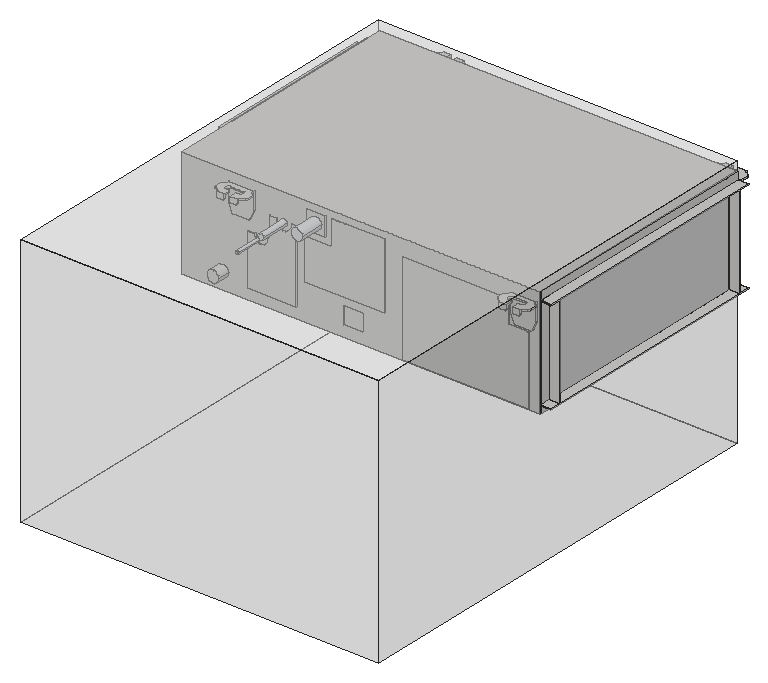
Revit family "outputfile", category 機械設備, Revit 2024
Family settings
  丸型コネクタ寸法 = 半径を使用
  パーツ タイプ = 標準
  OmniClass 番号 = 23.75.10.24.21.27.27
  OmniClass タイトル = Split System Air Conditioning Units
  作業面ベース = いいえ
  常に垂直 = はい
  ロード時にボイドで切り取り = いいえ
  注釈の向きを維持 = いいえ
  共有 = いいえ
  部屋計算ポイント = はい
Parameters (values of type "FXSQ32PAVE")
  Description = ""
  製造元 = "Daikin"
  書き出し IFC クラス(タイプ) = "IfcUnitaryEquipmentType"
  定義済み IFC タイプ(タイプ) = "AIRCONDITIONINGUNIT"
  Cost = 0
  モデル = "FXSQ32PAVE"
  Type Comments = ""
  Keynote = ""
  Type Image = (empty or 0)
  Assembly Code = ""
  r_Liquid Pipe Size = Liquid Pipe Size / 2  # 3.2 mm
  r_Gas Pipe Size = Gas Pipe Size / 2  # 6.35 mm
  r_Drain Pipe Size = Drain Pipe Size / 2  # 12.5 mm
  lw_power = 770.0 mm  # constant formula
  lh_SA = 138.0 mm  # constant formula
  lw_SA = if(Depth = 550.0 mm, 225.0 mm, if(Depth = 700.0 mm, 300.0 mm, if(Depth = 1000.0 mm, 450.0 mm, if(Depth = 1400.0 mm, 650.0 mm, 725.0 mm))))  # 225.0 mm
  lw_RA = if(Depth = 550.0 mm, 275.0 mm, if(Depth = 700.0 mm, 349.0 mm, if(Depth = 1000.0 mm, 499.0 mm, if(Depth = 1400.0 mm, 699.0 mm, 775.0 mm))))  # 275.0 mm
  lh_power = 60.0 mm + [h***]  # 60.0 mm
  lh_mountinghole1 = lh_mountinghole + [h***]  # 222.0 mm
  lh_RA = 123.0 mm  # constant formula
  ld_power = Depth / 2  # 275.0 mm
  Voltage_comment_60Hz = "220"
  Voltage_comment_50Hz = "220-240"
  Voltage_60Hz = 220 V
  Voltage_50Hz = 220 V
  URL = ""
  Supply Air Direction [instance] = yes
  Sound Power Level_H speed (dB) = 62
  Phase_60Hz = 1
  Phase_50Hz = 1
  Minimum External Static Pressure = 30.00 Pa
  Minimum Circuit Amps_60Hz = 0.8 A
  Minimum Circuit Amps_50Hz = 0.8 A
  Maximum Fuse Amps_60Hz = 16.0 A
  Maximum Fuse Amps_50Hz = 16.0 A
  Maximum External Static Pressure = 150.00 Pa
  Material_Casing = DAIKIN_GalvanizedSteel_Casing_indoorunit
  lw_mountinghole = 630.0 mm  # constant formula
  lh_gaspipe = 183.0 mm + [h***]  # 183.0 mm
  lh_mountinghole = 222.0 mm  # constant formula
  lh_liquidpipe = 136.0 mm + [h***]  # 136.0 mm
  lh_drainpipe = 207.0 mm + [h***]  # 207.0 mm
  lh_antena = Height - lh_mountinghole + 1.0 mm  # 24.0 mm
  ld_drainpipe = Depth / 2 + 53.0 mm  # 328.0 mm
  ld_liquidpipe = Depth / 2 + 69.0 mm  # 344.0 mm
  ld_gaspipe = Depth / 2 + 65.0 mm  # 340.0 mm
  ld_mountinghole = Depth + 38.0 mm  # 588.0 mm
  h*** = 0.0 mm  # constant formula
  lw_liquidpipe = 179.0 mm  # constant formula
  lw_gaspipe = 229.0 mm  # constant formula
  lw_drainpipe = 300.0 mm  # constant formula
  Width = 800.0 mm
  Version = "ver.1.0"
  Unit Type = "Middle Static Pressure Duct Type"
  Unit Mass Weight = 25.00 kg
  Unit Designation [instance] = ""
  Uniclass2015Version = "Products v1.30"
  Uniclass2015Title = "Variable refrigerant flow units"
  Uniclass2015Code = "Pr_70_65_03_94"
  Total Heating Capacity [instance] = 0.000 kW
  Total Cooling Capacity [instance] = 0.000 kW
  Sound Pressure Level_M speed (dBA) = 0
  Sound Pressure Level_L speed (dBA) = 30
  Sound Pressure Level_H speed (dBA) = 34
  Series = "VRV Fan Coil Unit"
  Sensible Cooling Capacity [instance] = 0.000 kW
  SA Duct Size Width = if(Depth = 550.0 mm, 337.0 mm, if(Depth = 700.0 mm, 492.0 mm, if(Depth = 1000.0 mm, 792.0 mm, if(Depth = 1400.0 mm, 1192.0 mm, 1337.0 mm))))  # 337.0 mm
  SA Duct Size Height = 176.0 mm
  Refrigerant Type = "R410A"
  RA Duct Size Width = if(Depth = 550.0 mm, 502.0 mm, if(Depth = 700.0 mm, 654.0 mm, if(Depth = 1000.0 mm, 952.0 mm, if(Depth = 1400.0 mm, 1352.0 mm, 1502.0 mm))))  # 502.0 mm
  RA Duct Size Height = 208.0 mm
  Power Input (Heating) = 0.106 kW
  Power Input (Cooling) = 0.111 kW
  Option Accessory 3 [instance] = ""
  Option Accessory 2 [instance] = ""
  Option Accessory 1 [instance] = ""
  Nominal Heating Capacity = 4.000 kW
  Nominal Cooling Capacity = 3.600 kW
  Minimum Airflow = 420.00 m³/h
  Median Airflow = 480.00 m³/h
  Maximum Airflow = 570.00 m³/h
  Load Classification = HVAC
  Liquid Pipe Size = 6.4 mm
  Link_Nested Family [instance] = ""
  IfcVersion = "0"
  IfcExportType = "AIRCONDITIONINGUNIT"
  IfcExportAs = "IfcUnitaryEquipmentType"
  Height = 245.0 mm
  Heating Entering Wet Bulb Temperature [instance] = 0.00 °C
  Heating Entering Dry Bulb Temperature [instance] = 0.00 °C
  Heating Ambient Wet Bulb Temperature [instance] = 0.00 °C
  Heating Ambient Dry Bulb Temperature [instance] = 0.00 °C
  Heat Exchanger Type = "Cross Fin Coil"
  Gas Pipe Size = 12.7 mm
  Frequency_60Hz = 60 Hz
  Frequency_50Hz = 50 Hz
  Fan Type = "Sirocco Fan"
  Fan Drive = "Direct Drive"
  FCU Tag No. [instance] = ""
  Drain Pipe Size = 25.0 mm
  Design Supply Airflow [instance] = 0.00 m³/h
  Design Return Airflow [instance] = 0.00 m³/h
  Design External Static Pressure [instance] = 0.00 Pa
  Depth = 550.0 mm
  既定の高さ = 0.0 mm
  Cooling Entering Wet Bulb Temperature [instance] = 0.00 °C
  Cooling Entering Dry Bulb Temperature [instance] = 0.00 °C
  Cooling Ambient Wet Bulb Temperature [instance] = 0.00 °C
  Cooling Ambient Dry Bulb Temperature [instance] = 0.00 °C
  Clearance visibility [instance] = yes
  Clearance Top = 20.0 mm
  Clearance Right = 0.0 mm
  Clearance Rear = 0.0 mm
  Clearance Left = 0.0 mm
  Clearance Front = 450.0 mm
  Clearance Bottom = 300.0 mm
Reference planes
  plane 1 "Center (Front/Back)": y = 0
  plane 2 "h": z = 0
  plane 3 "Center (Left/Right)": x = 0
  plane 4 "Back": y = 275
  plane 5 "Front": y = -275
  plane 6 "Left": x = -400
  plane 7 "Reight": x = 400
  plane 8 "Top": z = 0
  plane 9 "Bottom": z = -245
  plane 10: y = -215
  plane 11: y = 275
  plane 12: y = -725
  plane 13: x = -400
  plane 14: x = 400
  plane 15: z = 20
  plane 16: z = -545
  plane 17: x = -400
  plane 18: x = -399
  plane 19: x = 399
  plane 20: y = 50
  plane 21: y = 0
  plane 22: z = -122
  plane 23: y = -276
  plane 24: z = -109
  plane 25: x = -221
  plane 26: y = -340
  plane 27: z = -62
  plane 28: x = -171
  plane 29: y = -328
  plane 30: z = -38
  plane 31: x = -100
  plane 32: x = -100
  plane 33: x = -221
  plane 34: x = -171
  plane 35: x = 370
  plane 36: x = -266
  plane 37: x = 364
  plane 38: y = -294
  plane 39: y = 294
  plane 40: z = -23
  plane 41: z = -107
  plane 42: y = -344
  plane 43: z = -207
  plane 44: x = -309
  plane 45: y = -301
  plane 46: x = -251
  plane 47: x = -203
  plane 48: x = -144
  plane 49: z = -59
  plane 50: z = -106
  plane 51: z = -221
  plane 52: z = -109
  plane 53: x = -221
  plane 54: z = -62
  plane 55: x = -171
  plane 56: z = -17
  plane 57: z = -59
  plane 58: x = -121
  plane 59: x = -79
  plane 60: x = -125
  plane 61: x = -64
  plane 62: x = 53
  plane 63: z = -164
  plane 64: z = -73
  plane 65: z = -16
  plane 66: x = 93.5
  plane 67: x = 374.5
  plane 68: x = 330
  plane 69: z = -88.5
  plane 70: z = -38
  plane 71: z = -242.5
  plane 72: x = -38.5
  plane 73: x = 6.5
  plane 74: z = -181
  plane 75: z = -221
  plane 76: y = -274
  plane 77: x = -424
  plane 78: x = 424
Forms (mm)
  Extrusion 1, solid, material "DAIKIN_GalvanizedSteel_Casing_indoorunit" <- "Material_Casing"
    sketch origin (0, 0, 0) x (1, 0, 0) y (0, 1, 0)
      loop
        line (-399, 275) -> (-399, -275) -> (399, -275) -> (399, 275) -> (-399, 275)
    from -245 to 0
  Extrusion 2, solid, material "DAIKIN_GalvanizedSteel_Casing_indoorunit" <- "Material_Casing"
    sketch origin (0, 0, 0) x (1, 0, 0) y (0, 0, 1)
      loop
        line (-251, -221) -> (-144, -221) -> (-144, -59) -> (-154.47, -59)
        arc (-154.47, -59) -> (-171, -78.8) -> (-187.53, -59) r 16.8
        line (-187.53, -59) -> (-203, -59) -> (-203, -106) -> (-206.916, -106)
        arc (-206.916, -106) -> (-221, -123.4) -> (-235.084, -106) r 14.4
        line (-235.084, -106) -> (-251, -106) -> (-251, -221)
    from 275 to 276
  Extrusion 3, solid, material "DAIKIN_GalvanizedSteel_Casing_indoorunit" <- "Material_Casing"
    sketch origin (0, 0, 0) x (1, 0, 0) y (0, 0, 1)
      loop
        line (-121, -17) -> (-121, -59) -> (-79, -59) -> (-79, -17) -> (-121, -17)
      loop
        line (-125, -73) -> (-125, -164) -> (53, -164) -> (53, -16) -> (-64, -16) -> (-64, -73) -> (-125, -73)
    from 275 to 276
  Extrusion 4, solid, material "DAIKIN_GalvanizedSteel_Casing_indoorunit" <- "Material_Casing"
    sketch origin (0, 0, 0) x (1, 0, 0) y (0, 0, 1)
      loop
        line (93.5, -38) -> (93.5, -242.5) -> (374.5, -242.5) -> (374.5, -88.5) -> (330, -88.5) -> (330, -38) -> (93.5, -38)
    from 275 to 276
  Extrusion 5, solid
    sketch origin (0, 0, 0) x (1, 0, 0) y (0, 0, 1)
      loop
        circle (-221, -109) r 3.2
    from 275 to 344
  Extrusion 6, solid
    sketch origin (0, 0, 0) x (1, 0, 0) y (0, 0, 1)
      loop
        circle (-171, -62) r 6.35
    from 275 to 340
  Extrusion 7, solid
    sketch origin (0, 0, 0) x (1, 0, 0) y (0, 0, 1)
      loop
        circle (-100, -38) r 12.5
    from 276 to 328
  Extrusion 8, solid, material "DAIKIN_GalvanizedSteel_Casing_indoorunit" <- "Material_Casing"
    sketch origin (0, 0, 0) x (1, 0, 0) y (0, 0, 1)
      loop
        circle (-309, -207) r 13
    from 275 to 301
  Extrusion 9, void
    sketch origin (0, 0, 0) x (1, 0, 0) y (0, 0, 1)
      loop
        line (-38.5, -181) -> (-38.5, -221) -> (6.5, -221) -> (6.5, -181) -> (-38.5, -181)
    from 274 to 275
Cuts and joins
  Extrusion 9 cuts Extrusion 1
Dimensions and locks
  "Height": plane 8 "Top" to plane 9 "Bottom"
  equal spacing: plane 4 "Back", plane 1 "Center (Front/Back)", plane 5 "Front"
  "Depth": plane 4 "Back" to plane 5 "Front"
  equal spacing: plane 6 "Left", plane 3 "Center (Left/Right)", plane 7 "Reight"
  "Width": plane 6 "Left" to plane 7 "Reight"
  "Clearance Left": plane 13 to plane 6 "Left"
  "Clearance Right": plane 7 "Reight" to plane 14
  "Clearance Rear": plane 11 to plane 4 "Back"
  "Clearance Front": plane 5 "Front" to plane 12
  "Clearance Top": plane 15 to plane 8 "Top"
  "Clearance Bottom": plane 9 "Bottom" to plane 16
  locked: plane 17 to plane 18 at 1
  locked: plane 19 to plane 14 at 1
  "lw_SA": plane 11 to plane 20
  "lw_RA": plane 21 to plane 5 "Front"
  "lh_RA": plane 22 to plane 9 "Bottom"
  locked: plane 5 "Front" to plane 23 at 1
  "lw_liquidpipe": plane 25 to plane 6 "Left"
  "lh_liquidpipe": plane 24 to plane 9 "Bottom"
  "lh_gaspipe": plane 27 to plane 9 "Bottom"
  "lw_gaspipe": plane 28 to plane 6 "Left"
  "ld_gaspipe": plane 26 to plane 1 "Center (Front/Back)"
  "ld_drainpipe": plane 29 to plane 1 "Center (Front/Back)"
  "lh_drainpipe": plane 30 to plane 9 "Bottom"
  "lw_drainpipe": plane 31 to plane 6 "Left"
  "lw_drainpipe": plane 6 "Left" to plane 32
  "lw_liquidpipe": plane 6 "Left" to plane 33
  "lw_gaspipe": plane 6 "Left" to plane 34
  "lw_power": plane 6 "Left" to plane 35
  locked: plane 17 to plane 36 at 134
  "lw_mountinghole": plane 36 to plane 37
  equal spacing: plane 38, plane 1 "Center (Front/Back)", plane 39
  "ld_mountinghole": plane 39 to plane 38
  "lh_mountinghole": plane 40 to plane 9 "Bottom"
  "lh_SA": plane 41 to plane 9 "Bottom"
  "ld_liquidpipe": plane 21 to plane 42
  locked: plane 44 to plane 6 "Left" at 91
  locked: plane 43 to plane 9 "Bottom" at 38
  locked: plane 5 "Front" to plane 45 at 26
  plane 48 to plane 47 to plane 46 to plane 6 "Left" = 59.0 mm, 48.0 mm, 149.0 mm
  plane 8 "Top" to plane 49 to plane 50 to plane 51 = 59.0 mm locked, 47.0 mm locked, 115.0 mm locked
  plane 55 to plane 53 to plane 6 "Left" = 50.0 mm locked, 179.0 mm locked
  plane 54 to plane 52 to plane 9 "Bottom" = 47.0 mm locked, 136.0 mm locked
  plane 59 to plane 58 to plane 6 "Left" = 42.0 mm locked, 279.0 mm locked
  plane 8 "Top" to plane 56 to plane 57 = 17.0 mm locked, 42.0 mm locked
  plane 62 to plane 61 to plane 60 to plane 6 "Left" = 117.0 mm, 61.0 mm, 275.0 mm
  plane 8 "Top" to plane 65 to plane 64 = 16.0 mm locked, 57.0 mm locked
  locked: plane 65 to plane 63 at 148
  plane 8 "Top" to plane 70 to plane 69 to plane 71 = 38.0 mm locked, 50.5 mm locked, 154.0 mm locked
  plane 67 to plane 68 to plane 66 to plane 6 "Left" = 44.5 mm locked, 236.5 mm locked, 493.5 mm locked
  plane 8 "Top" to plane 74 to plane 75 = 181.0 mm locked, 40.0 mm locked
  plane 73 to plane 72 to plane 6 "Left" = 45.0 mm, 361.5 mm
  locked: plane 76 to plane 5 "Front" at 1
  locked: plane 77 to plane 17 at 24
  locked: plane 14 to plane 78 at 24
  "r_Liquid Pipe Size": radius of Extrusion 5 sketch curve
  "r_Gas Pipe Size": radius of Extrusion 6 sketch curve
  "r_Drain Pipe Size": radius of Extrusion 7 sketch curve
  aligned and locked: level to plane 2 "h"
  aligned and locked: plane 8 "Top" to Extrusion 1
  aligned and locked: Extrusion 1 to plane 9 "Bottom"
  aligned and locked: nested 5 to plane 12
  aligned and locked: plane 13 to nested 5
  aligned and locked: plane 14 to nested 5
  aligned and locked: nested 5 to plane 13
  aligned and locked: plane 11 to nested 5
  aligned and locked: plane 15 to nested 5
  aligned and locked: plane 16 to nested 5
  aligned and locked: plane 5 "Front" to Extrusion 1 sketch curve
  aligned and locked: Extrusion 1 to plane 18
  aligned and locked: plane 19 to Extrusion 1
  aligned and locked: nested 7 to plane 18
  aligned and locked: nested 7 to plane 20
  aligned and locked: plane 19 to nested 8
  aligned and locked: plane 21 to nested 8
  aligned and locked: plane 22 to nested 8
  aligned and locked: Extrusion 2 to plane 23
  aligned and locked: plane 5 "Front" to Extrusion 2
  aligned and locked: Extrusion 3 to plane 23
  aligned and locked: plane 5 "Front" to Extrusion 3
  aligned and locked: plane 5 "Front" to Extrusion 4
  aligned and locked: Extrusion 5 sketch curve to plane 25
  aligned and locked: plane 24 to Extrusion 5 sketch curve
  aligned and locked: plane 5 "Front" to Extrusion 5
  aligned and locked: Extrusion 6 sketch curve to plane 28
  aligned and locked: plane 27 to Extrusion 6 sketch curve
  aligned and locked: plane 5 "Front" to Extrusion 6
  aligned and locked: Extrusion 7 sketch curve to plane 31
  aligned and locked: Extrusion 7 sketch curve to plane 30
  aligned and locked: Extrusion 7 to plane 29
  aligned and locked: plane 23 to Extrusion 7
  aligned and locked: nested 3 to plane 29
  aligned and locked: plane 32 to nested 3
  aligned and locked: nested 2 to plane 33
  aligned and locked: nested 1 to plane 34
  aligned and locked: Extrusion 6 to plane 26
  aligned and locked: nested 1 to plane 26
  aligned and locked: nested 6 to plane 5 "Front"
  aligned and locked: plane 35 to nested 6
  aligned and locked: plane 36 to nested 10
  aligned and locked: nested 10 to plane 5 "Front"
  aligned and locked: plane 37 to nested 9
  aligned and locked: nested 9 to plane 5 "Front"
  aligned and locked: nested 11 to plane 36
  aligned and locked: plane 4 "Back" to nested 11
  aligned and locked: nested 12 to plane 37
  aligned and locked: plane 4 "Back" to nested 12
  aligned and locked: plane 40 to nested 10
  aligned and locked: plane 40 to nested 11
  aligned and locked: plane 40 to nested 9
  aligned and locked: plane 40 to nested 12
  aligned and locked: plane 36 to nested 14
  aligned and locked: nested 14 to plane 39
  aligned and locked: plane 37 to nested 13
  aligned and locked: nested 13 to plane 39
  aligned and locked: plane 37 to nested 16
  aligned and locked: plane 38 to nested 16
  aligned and locked: plane 38 to nested 15
  aligned and locked: plane 36 to nested 15
  aligned and locked: plane 17 to plane 6 "Left"
  aligned and locked: plane 41 to nested 7
  aligned and locked: Extrusion 5 to plane 42
  aligned and locked: nested 2 to plane 42
  aligned and locked: Extrusion 8 sketch curve to plane 44
  aligned and locked: plane 43 to Extrusion 8 sketch curve
  aligned and locked: plane 5 "Front" to Extrusion 8
  aligned and locked: plane 45 to Extrusion 8
  aligned and locked: Extrusion 3 sketch curve to plane 56
  aligned and locked: Extrusion 3 sketch curve to plane 58
  aligned and locked: plane 57 to Extrusion 3 sketch curve
  aligned and locked: plane 59 to Extrusion 3 sketch curve
  aligned and locked: Extrusion 4 to plane 23
  aligned and locked: Extrusion 9 sketch curve to plane 74
  aligned and locked: plane 75 to Extrusion 9 sketch curve
  aligned and locked: plane 73 to Extrusion 9 sketch curve
  aligned and locked: plane 5 "Front" to Extrusion 9
  aligned and locked: plane 76 to Extrusion 9
  aligned and locked: nested 17 to plane 20
  aligned and locked: nested 17 to plane 77
  aligned and locked: plane 21 to nested 18
  aligned and locked: plane 78 to nested 18
  aligned and locked: plane 41 to nested 17
  aligned and locked: nested 18 to plane 22
  aligned and locked: nested 4 to plane 3 "Center (Left/Right)"
  aligned and locked: plane 1 "Center (Front/Back)" to nested 4
  aligned and locked: level to plane 8 "Top"
Automatic sketch dimensions
  plane 6 "Left" to Extrusion 1 sketch curve = 1.0 mm
  Extrusion 1 sketch curve to plane 7 "Reight" = 1.0 mm
  Extrusion 1 sketch curve to plane 4 "Back" = 0.0 mm
  Extrusion 2 sketch curve to plane 46 = 0.0 mm
  Extrusion 2 sketch curve to plane 33 = 0.0 mm
  Extrusion 2 sketch curve to plane 47 = 0.0 mm
  Extrusion 2 sketch curve to plane 34 = 0.0 mm
  Extrusion 2 sketch curve to plane 48 = 0.0 mm
  Extrusion 2 sketch curve to plane 51 = 0.0 mm
  Extrusion 2 sketch curve to plane 52 = 0.0 mm
  Extrusion 2 sketch curve to plane 50 = 0.0 mm  (x3)
  Extrusion 2 sketch curve to plane 54 = 0.0 mm
  Extrusion 2 sketch curve to plane 49 = 0.0 mm  (x3)
  plane 33 to Extrusion 2 sketch curve = 14.084 mm
  plane 34 to Extrusion 2 sketch curve = 16.53 mm
  Extrusion 3 sketch curve to plane 60 = 0.0 mm
  Extrusion 3 sketch curve to plane 61 = 0.0 mm
  Extrusion 3 sketch curve to plane 62 = 0.0 mm
  Extrusion 3 sketch curve to plane 63 = 0.0 mm
  Extrusion 3 sketch curve to plane 64 = 0.0 mm
  Extrusion 3 sketch curve to plane 65 = 0.0 mm
  Extrusion 4 sketch curve to plane 66 = 0.0 mm
  Extrusion 4 sketch curve to plane 68 = 0.0 mm
  Extrusion 4 sketch curve to plane 67 = 0.0 mm
  Extrusion 4 sketch curve to plane 71 = 0.0 mm
  Extrusion 4 sketch curve to plane 69 = 0.0 mm
  Extrusion 4 sketch curve to plane 70 = 0.0 mm
  Extrusion 9 sketch curve to plane 72 = 0.0 mm
  radius of Extrusion 8 sketch curve = 13.0 mm
Nested families
  nested 1: "daikin_connector_rotate2" at (-171, 0, -62), length <- "ld_gaspipe", built-in parameter 1001364 <- "lh_gaspipe", radius <- "r_Gas Pipe Size", type "daikin_connector_rotate2"
    with radius 6.35 mm, length 340.0 mm, angle_vertical 90.00°
  nested 2: "daikin_connector_rotate2" at (-221, 0, -109), length <- "ld_liquidpipe", built-in parameter 1001364 <- "lh_liquidpipe", radius <- "r_Liquid Pipe Size", type "daikin_connector_rotate2"
    with radius 3.2 mm, length 344.0 mm, angle_vertical 90.00°
  nested 3: "daikin_connector_rotate2" at (-100, 0, -38), length <- "ld_drainpipe", built-in parameter 1001364 <- "lh_drainpipe", radius <- "r_Drain Pipe Size", type "daikin_connector_rotate2"
    with radius 12.5 mm, length 328.0 mm, angle_vertical 90.00°
  nested 4: "daikin_△_symbolicline" at (0, 0, 245) x (0, -1, 0) z (0, 0, 1), built-in parameter 1001364 <- "Height", visible <- "Supply Air Direction", type "daikin_△_symbolicline"
    with length 200.0 mm
  nested 5: "daikin_clearancespace" at (0, -225, -262.381), visible <- "Clearance visibility", show <- "Clearance visibility", Link_Nested Family <- "Link_Nested Family", type "daikin_clearancespace"
    with width 800.0 mm, show yes, height 565.0 mm, depth 1000.0 mm, Link_Nested Family ""
  nested 6: "daikin_connector_rotate2" at (370, 0, -185), built-in parameter 1001364 <- "lh_power", length <- "ld_power", type "daikin_connector_rotate2"
    with radius 10.0 mm, length 275.0 mm, angle_vertical 90.00°
  nested 7: "daikin_ductflange_FXSQ-PAVE2" at (-399, 50, -107) x (0, -1, 0) z (0, 0, 1), type "daikin_ductflange_FXSQ-PAVE2"
  nested 8: "daikin_ductflange_FXSQ-PAVE" at (399, 0, -122) x (0, 1, 0) z (0, 0, 1), type "daikin_ductflange_FXSQ-PAVE"
  nested 9: "daikin_hangerfixture_FXSQ-PAVE" at (364, -275, -23), type "daikin_hangerfixture_FXSQ-PAVE"
  nested 10: "daikin_hangerfixture_FXSQ-PAVE" at (-266, -275, -23), type "daikin_hangerfixture_FXSQ-PAVE"
  nested 11: "daikin_hangerfixture_FXSQ-PAVE" at (-266, 275, -23) x (-1, 0, 0) z (0, 0, 1), type "daikin_hangerfixture_FXSQ-PAVE"
  nested 12: "daikin_hangerfixture_FXSQ-PAVE" at (364, 275, -23) x (-1, 0, 0) z (0, 0, 1), type "daikin_hangerfixture_FXSQ-PAVE"
  nested 13: "daikin_mountinghole" at (364, 294, -245), h_mountinghole <- "lh_mountinghole1", l_antenna <- "lh_antena", Link_Nested Family <- "Link_Nested Family", type "daikin_mountinghole"
    with show yes, l_antenna 24.0 mm, h_mountinghole 222.0 mm, Link_Nested Family ""
  nested 14: "daikin_mountinghole" at (-266, 294, -245), h_mountinghole <- "lh_mountinghole1", l_antenna <- "lh_antena", Link_Nested Family <- "Link_Nested Family", type "daikin_mountinghole"
    with show yes, l_antenna 24.0 mm, h_mountinghole 222.0 mm, Link_Nested Family ""
  nested 15: "daikin_mountinghole" at (-266, -294, -245), h_mountinghole <- "lh_mountinghole1", l_antenna <- "lh_antena", Link_Nested Family <- "Link_Nested Family", type "daikin_mountinghole"
    with show yes, l_antenna 24.0 mm, h_mountinghole 222.0 mm, Link_Nested Family ""
  nested 16: "daikin_mountinghole" at (364, -294, -245), h_mountinghole <- "lh_mountinghole1", l_antenna <- "lh_antena", Link_Nested Family <- "Link_Nested Family", type "daikin_mountinghole"
    with show yes, l_antenna 24.0 mm, h_mountinghole 222.0 mm, Link_Nested Family ""
  nested 17: "daikin_connector_rotate2" at (-400, 50, -107) x (0, -1, 0) z (0, 0, 1), type "daikin_connector_rotate2"
    with radius 10.0 mm, length 24.0 mm, angle_vertical 90.00°
  nested 18: "daikin_connector_rotate2" at (400, 0, -122) x (0, 1, 0) z (0, 0, 1), type "daikin_connector_rotate2"
    with radius 10.0 mm, length 24.0 mm, angle_vertical 90.00°
Connectors
  piping at (-100, -328, -38), diameter 25, driven by "r_Drain Pipe Size"
    settings: on nested 3, index 3, connector inside diameter 609.6 mm, connector length 0.0 mm, flow factor 0, pipe flow 0.00 m³/h, pressure drop 0.0 Pa, fitting loss kfactor 0, connector angle 0.00°, fixture units 0, engagement length 0.0 mm, angle of deflection 0.00°, flow configuration 1, flow direction 2, fitting loss method 4, system type 16, joint type 0, gender type 0, connector reference index -1, connector utility 0, adjustable connector no, is connector primary yes, connector description "Condensate Drain Piping"
  piping at (-171, -340, -62), diameter 12.7, driven by "r_Gas Pipe Size"
    settings: on nested 1, index 4, connector inside diameter 609.6 mm, connector length 0.0 mm, flow factor 0, pipe flow 0.00 m³/h, pressure drop 0.0 Pa, fitting loss kfactor 0, connector angle 0.00°, fixture units 0, engagement length 0.0 mm, angle of deflection 0.00°, flow configuration 1, flow direction 2, fitting loss method 0, system type 29, joint type 0, gender type 0, connector reference index -1, connector utility 0, adjustable connector no, is connector primary no, connector description "Refrigerant Gas Piping"
  piping at (-221, -344, -109), diameter 6.4, driven by "r_Liquid Pipe Size"
    settings: on nested 2, index 5, connector inside diameter 609.6 mm, connector length 0.0 mm, flow factor 0, pipe flow 0.00 m³/h, pressure drop 0.0 Pa, fitting loss kfactor 0, connector angle 0.00°, fixture units 0, engagement length 0.0 mm, angle of deflection 0.00°, flow configuration 1, flow direction 1, fitting loss method 0, system type 29, joint type 0, gender type 0, connector reference index -1, connector utility 0, adjustable connector no, is connector primary no, connector description "Refrigerant Liquid Piping"
  electrical at (370, -275, -185), driven by "Load Classification"
    settings: on nested 6, index 6, voltage 0 V, apparent load 0 VA, apparent load phase1 0 VA, apparent load phase2 0 VA, apparent load phase3 0 VA, power factor 1, load classification "HVAC", number of poles 1, system type 30, power factor state 1, is connector primary yes, connector utility no, sub classification motor no, connector description "Power Supply"
  hvac at (-424, 50, -107), driven by "SA Duct Size Height", driven by "SA Duct Size Width"
    settings: on nested 17, index 7, duct flow 0.00 m³/h, flow factor 0, pres drop 0.00 Pa, loss coef 0, conn angle 0.00°, conn width 337.0 mm, conn height 176.0 mm, conn diameter 609.6 mm, duct sys type 1, conn prof type 1, flow config 0, flow direction 2, loss method 4, conn ref index -1, conn util no, is conn primary yes, conn desc "SA Duct"
  hvac at (424, 0, -122), driven by "RA Duct Size Height", driven by "RA Duct Size Width"
    settings: on nested 18, index 8, duct flow 0.00 m³/h, flow factor 0, pres drop 0.00 Pa, loss coef 0, conn angle 0.00°, conn width 502.0 mm, conn height 208.0 mm, conn diameter 609.6 mm, duct sys type 2, conn prof type 1, flow config 0, flow direction 1, loss method 4, conn ref index -1, conn util no, is conn primary no, conn desc "RA Duct"
Definition of nested family "daikin_clearancespace"
  Parameters (values of type "daikin_clearancespace")
    width [instance] = 1823.963 mm
    show [instance] = yes
    material = none
    height [instance] = 1359.762 mm
    depth [instance] = 880.0 mm
    Default Elevation = 0.0 mm
    Link_Nested Family [instance] = ""
  Reference planes
    plane 1 "Center (Front/Back)": y = 0
    plane 2 "Center (Elevation)": z = -0.119
    plane 3 "Center (Left/Right)": x = 0
    plane 4: y = 440
    plane 5: y = -440
    plane 6 "Right": x = 911.982
    plane 7 "Left": x = -911.982
    plane 8 "Top": z = 679.762
    plane 9 "Bottom": z = -680
  Forms (mm)
    Extrusion 1, solid, material <- "material", visible <- "show"
      sketch origin (0, 0, 0) x (1, 0, 0) y (0, 1, 0)
        loop
          line (-911.982, 440) -> (-911.982, -440) -> (911.982, -440) -> (911.982, 440) -> (-911.982, 440)
      from -680 to 679.762
  Lines and regions (mm)
    symbolic lines, visible <- "show"
      curve 1: line (911.982, 440, 0) -> (-911.982, 440, 0)
      curve 2: line (-911.982, 440, 0) -> (-911.982, -440, 0)
      curve 3: line (-911.982, -440, 0) -> (911.982, -440, 0)
      curve 4: line (911.982, -440, 0) -> (911.982, 440, 0)
      curve 5: line (911.982, 0, 679.762) -> (-911.982, 0, 679.762)
      curve 6: line (911.982, 0, -680) -> (911.982, 0, 679.762)
      curve 7: line (-911.982, 0, -680) -> (911.982, 0, -680)
      curve 8: line (-911.982, 0, 679.762) -> (-911.982, 0, -680)
      curve 9: line (0, 440, 679.762) -> (0, -440, 679.762)
      curve 10: line (0, -440, 679.762) -> (0, -440, -680)
      curve 11: line (0, 440, -680) -> (0, 440, 679.762)
      curve 12: line (0, -440, -680) -> (0, 440, -680)
  Dimensions and locks
    "width": plane 7 "Left" to plane 6 "Right"
    "depth": plane 4 to plane 5
    "height": plane 8 "Top" to plane 9 "Bottom"
    equal spacing: plane 7 "Left", plane 3 "Center (Left/Right)", plane 6 "Right"
    equal spacing: plane 4, plane 1 "Center (Front/Back)", plane 5
    equal spacing: plane 8 "Top", plane 2 "Center (Elevation)", plane 9 "Bottom"
    aligned and locked: level to plane 2 "Center (Elevation)"
    aligned and locked: Extrusion 1 sketch curve to plane 4
    aligned and locked: plane 7 "Left" to Extrusion 1 sketch curve
    aligned and locked: Extrusion 1 sketch curve to plane 5
    aligned and locked: Extrusion 1 sketch curve to plane 6 "Right"
    aligned and locked: plane 8 "Top" to Extrusion 1
    aligned and locked: curve 1 to Extrusion 1
    aligned and locked: curve 2 to Extrusion 1
    aligned and locked: curve 3 to Extrusion 1
    aligned and locked: curve 4 to Extrusion 1
    aligned and locked: curve 5 to Extrusion 1
    aligned and locked: curve 6 to Extrusion 1
    aligned and locked: curve 7 to Extrusion 1
    aligned and locked: curve 8 to Extrusion 1
    aligned and locked: curve 9 to Extrusion 1
    aligned and locked: curve 10 to Extrusion 1
    aligned and locked: curve 11 to Extrusion 1
    aligned and locked: curve 12 to Extrusion 1
    aligned and locked: Extrusion 1 to plane 9 "Bottom"
Definition of nested family "daikin_ductflange_FXSQ-PAVE2"
  Parameters (values of type "daikin_ductflange_FXMQ-PAVE2")
    width = if(w = 550.0 mm, 337.0 mm, if(w = 700.0 mm, 492.0 mm, if(w = 1000.0 mm, 792.0 mm, if(w = 1400.0 mm, 1192.0 mm, 1337.0 mm))))  # 337.0 mm
    material = none
    height = 215.0 mm
    depth = 1.0 mm
    w = 550.0 mm
    Default Elevation = 0.0 mm
  Reference planes
    plane 1 "Center (Front/Back)": y = 0
    plane 2: z = 0
    plane 3 "Center (Left/Right)": x = 0
    plane 4: z = 88
    plane 5: z = -88
    plane 6: y = -25
    plane 7: z = 106
    plane 8: z = 89
    plane 9: y = -1
    plane 10: x = -192.5
    plane 11: x = 192.5
    plane 12: z = -106
    plane 13: z = -89
    plane 14: y = -1
    plane 15: x = 168.5
    plane 16: x = -168.5
    plane 17: x = 169.5
    plane 18: z = 87
    plane 19: z = -87
    plane 20: x = -169.5
    plane 21: z = 87
    plane 22: z = -87
    plane 23: y = -1
  Forms (mm)
    Extrusion 1, solid, material <- "material"
      sketch origin (0, 0, 0) x (0, 1, 0) y (0, 0, 1)
        loop
          line (-25, 88) -> (0, 88) -> (0, 106) -> (-1, 106) -> (-1, 89) -> (-25, 89) -> (-25, 88)
      from -192.5 to 192.5
    Extrusion 2, solid, material <- "material"
      sketch origin (0, 0, 0) x (0, 1, 0) y (0, 0, 1)
        loop
          line (-25, -88) -> (-25, -89) -> (-1, -89) -> (-1, -106) -> (0, -106) -> (0, -88) -> (-25, -88)
      from -192.5 to 192.5
    Extrusion 3, solid, material <- "material"
      sketch origin (0, 0, 0) x (1, 0, 0) y (0, 0, 1)
        loop
          line (168.5, 88) -> (168.5, -88) -> (192.5, -88) -> (192.5, -87) -> (169.5, -87) -> (169.5, 87) -> (192.5, 87) -> (192.5, 88) -> (168.5, 88)
      from 0 to 25
    Extrusion 4, solid, material <- "material"
      sketch origin (0, 0, 0) x (1, 0, 0) y (0, 0, 1)
        loop
          line (-192.5, 88) -> (-192.5, 87) -> (-169.5, 87) -> (-169.5, -87) -> (-192.5, -87) -> (-192.5, -88) -> (-168.5, -88) -> (-168.5, 88) -> (-192.5, 88)
      from 0 to 25
    Extrusion 5, solid, material <- "material"
      sketch origin (0, 0, 0) x (1, 0, 0) y (0, 0, 1)
        loop
          line (-192.5, 88) -> (-192.5, -88) -> (-168.5, -88) -> (-168.5, 88) -> (-192.5, 88)
        loop
          line (192.5, 88) -> (168.5, 88) -> (168.5, -88) -> (192.5, -88) -> (192.5, 88)
      from 0 to 1
  Cuts and joins
    joined: Extrusion 1, Extrusion 2, Extrusion 3, Extrusion 4, Extrusion 5
  Dimensions and locks
    plane 4 to level to plane 5 = 88.0 mm, 88.0 mm
    locked: plane 6 to plane 1 "Center (Front/Back)" at 25
    locked: plane 9 to plane 1 "Center (Front/Back)" at 1
    locked: plane 8 to plane 4 at 1
    locked: plane 16 to plane 10 at 24
    locked: plane 17 to plane 15 at 1
    locked: plane 4 to plane 18 at 1
    locked: plane 19 to plane 5 at 1
    "width": plane 15 to plane 16
    plane 4 to plane 5 = 176.0 mm
    locked: plane 16 to plane 20 at 1
    locked: plane 4 to plane 21 at 1
    locked: plane 22 to plane 5 at 1
    locked: plane 23 to plane 1 "Center (Front/Back)" at 1
    plane 4 to level to plane 5 = 88.0 mm locked, 88.0 mm locked
    locked: plane 5 to plane 13 at 1
    locked: plane 5 to plane 12 at 18
    locked: plane 7 to plane 4 at 18
    equal spacing: plane 15, plane 3 "Center (Left/Right)", plane 16
    locked: plane 11 to plane 15 at 24
    plane 11 to plane 10 = 385.0 mm
    aligned and locked: level to plane 2
    aligned and locked: Extrusion 1 to plane 10
    aligned and locked: plane 11 to Extrusion 1
    aligned and locked: plane 5 to Extrusion 2
    aligned and locked: Extrusion 2 to plane 1 "Center (Front/Back)"
    aligned and locked: plane 15 to Extrusion 3 sketch curve
    aligned and locked: Extrusion 3 sketch curve to Extrusion 2  (x2)
    aligned and locked: Extrusion 3 sketch curve to plane 11
    aligned and locked: plane 6 to Extrusion 3
    aligned and locked: Extrusion 2 to plane 10
    aligned and locked: plane 11 to Extrusion 2
    aligned and locked: Extrusion 4 sketch curve to Extrusion 1  (x2)
    aligned and locked: plane 5 to Extrusion 4 sketch curve
    aligned and locked: Extrusion 4 sketch curve to plane 16
    aligned and locked: Extrusion 4 sketch curve to plane 22
    aligned and locked: plane 20 to Extrusion 4 sketch curve
    aligned and locked: plane 21 to Extrusion 4 sketch curve
    aligned and locked: Extrusion 4 to plane 1 "Center (Front/Back)"
    aligned and locked: plane 6 to Extrusion 4
    aligned and locked: Extrusion 5 sketch curve to Extrusion 1  (x4)
    aligned and locked: Extrusion 5 sketch curve to Extrusion 4  (x2)
    aligned and locked: Extrusion 5 sketch curve to Extrusion 3  (x2)
    aligned and locked: Extrusion 5 to plane 1 "Center (Front/Back)"
    aligned and locked: plane 23 to Extrusion 5
  Automatic sketch dimensions
    Extrusion 1 sketch curve to plane 6 = 0.0 mm
    Extrusion 1 sketch curve to plane 7 = 0.0 mm
    Extrusion 1 sketch curve to plane 9 = 0.0 mm
    Extrusion 1 sketch curve to plane 1 "Center (Front/Back)" = 0.0 mm
    Extrusion 1 sketch curve to plane 4 = 0.0 mm
    Extrusion 1 sketch curve to plane 8 = 0.0 mm
    Extrusion 2 sketch curve to plane 6 = 0.0 mm
    plane 12 to Extrusion 2 sketch curve = 0.0 mm
    Extrusion 2 sketch curve to plane 14 = 0.0 mm
    Extrusion 2 sketch curve to plane 1 "Center (Front/Back)" = 0.0 mm
    plane 13 to Extrusion 2 sketch curve = 0.0 mm
    Extrusion 2 sketch curve to plane 5 = 0.0 mm
    Extrusion 3 sketch curve to plane 17 = 0.0 mm
    Extrusion 3 sketch curve to plane 19 = 0.0 mm
    Extrusion 3 sketch curve to plane 18 = 0.0 mm
    Extrusion 3 sketch curve to plane 4 = 0.0 mm
    Extrusion 4 sketch curve to plane 10 = 0.0 mm
Definition of nested family "daikin_ductflange_FXSQ-PAVE"
  Parameters (values of type "daikin_ductflange_FXMQ-PAVE")
    width = if(w = 550.0 mm, 502.0 mm, if(w = 700.0 mm, 654.0 mm, if(w = 1000.0 mm, 952.0 mm, if(w = 1400.0 mm, 1352.0 mm, 1502.0 mm))))  # 502.0 mm
    material = none
    height = 208.0 mm
    depth = 1.0 mm
    w = 550.0 mm
    Default Elevation = 0.0 mm
  Reference planes
    plane 1 "Center (Front/Back)": y = 0
    plane 2: z = 0
    plane 3 "Center (Left/Right)": x = 0
    plane 4: z = 104
    plane 5: z = -104
    plane 6: y = -25
    plane 7: z = 121
    plane 8: z = 105
    plane 9: y = -1
    plane 10: x = -275
    plane 11: x = 275
    plane 12: z = -122
    plane 13: z = -105
    plane 14: y = -1
    plane 15: x = 251
    plane 16: x = -251
    plane 17: x = 252
    plane 18: z = 103
    plane 19: z = -103
    plane 20: x = -252
    plane 21: z = 103
    plane 22: z = -103
    plane 23: y = -1
  Forms (mm)
    Extrusion 1, solid, material <- "material"
      sketch origin (0, 0, 0) x (0, 1, 0) y (0, 0, 1)
        loop
          line (-25, 104) -> (0, 104) -> (0, 121) -> (-1, 121) -> (-1, 105) -> (-25, 105) -> (-25, 104)
      from -275 to 275
    Extrusion 2, solid, material <- "material"
      sketch origin (0, 0, 0) x (0, 1, 0) y (0, 0, 1)
        loop
          line (-25, -104) -> (-25, -105) -> (-1, -105) -> (-1, -122) -> (0, -122) -> (0, -104) -> (-25, -104)
      from -275 to 275
    Extrusion 3, solid, material <- "material"
      sketch origin (0, 0, 0) x (1, 0, 0) y (0, 0, 1)
        loop
          line (251, 104) -> (251, -104) -> (275, -104) -> (275, -103) -> (252, -103) -> (252, 103) -> (275, 103) -> (275, 104) -> (251, 104)
      from 0 to 25
    Extrusion 4, solid, material <- "material"
      sketch origin (0, 0, 0) x (1, 0, 0) y (0, 0, 1)
        loop
          line (-275, 104) -> (-275, 103) -> (-252, 103) -> (-252, -103) -> (-275, -103) -> (-275, -104) -> (-251, -104) -> (-251, 104) -> (-275, 104)
      from 0 to 25
    Extrusion 5, solid, material <- "material"
      sketch origin (0, 0, 0) x (1, 0, 0) y (0, 0, 1)
        loop
          line (-275, 104) -> (-275, -104) -> (-251, -104) -> (-251, 104) -> (-275, 104)
        loop
          line (275, 104) -> (251, 104) -> (251, -104) -> (275, -104) -> (275, 104)
      from 0 to 1
  Cuts and joins
    joined: Extrusion 1, Extrusion 2, Extrusion 3, Extrusion 4, Extrusion 5
  Dimensions and locks
    plane 4 to level to plane 5 = 104.0 mm, 104.0 mm
    locked: plane 6 to plane 1 "Center (Front/Back)" at 25
    locked: plane 9 to plane 1 "Center (Front/Back)" at 1
    locked: plane 8 to plane 4 at 1
    locked: plane 11 to plane 15 at 24
    locked: plane 16 to plane 10 at 24
    locked: plane 17 to plane 15 at 1
    locked: plane 4 to plane 18 at 1
    locked: plane 19 to plane 5 at 1
    "width": plane 15 to plane 16
    equal spacing: plane 15, plane 3 "Center (Left/Right)", plane 16
    locked: plane 16 to plane 20 at 1
    locked: plane 4 to plane 21 at 1
    locked: plane 22 to plane 5 at 1
    locked: plane 23 to plane 1 "Center (Front/Back)" at 1
    locked: plane 7 to plane 4 at 17
    locked: plane 1 "Center (Front/Back)" to plane 14 at 1
    locked: plane 5 to plane 13 at 1
    "height": plane 4 to plane 5
    plane 11 to plane 10 = 550.0 mm
    locked: plane 12 to plane 13 at 17
    equal spacing: plane 4, level, plane 5
    aligned and locked: level to plane 2
    aligned and locked: Extrusion 1 to plane 10
    aligned and locked: plane 11 to Extrusion 1
    aligned and locked: plane 5 to Extrusion 2
    aligned and locked: Extrusion 2 to plane 1 "Center (Front/Back)"
    aligned and locked: plane 15 to Extrusion 3 sketch curve
    aligned and locked: Extrusion 3 sketch curve to Extrusion 2  (x2)
    aligned and locked: Extrusion 3 sketch curve to plane 11
    aligned and locked: plane 6 to Extrusion 3
    aligned and locked: Extrusion 2 to plane 10
    aligned and locked: plane 11 to Extrusion 2
    aligned and locked: Extrusion 4 sketch curve to Extrusion 1  (x2)
    aligned and locked: plane 5 to Extrusion 4 sketch curve
    aligned and locked: Extrusion 4 sketch curve to plane 16
    aligned and locked: Extrusion 4 sketch curve to plane 22
    aligned and locked: plane 20 to Extrusion 4 sketch curve
    aligned and locked: plane 21 to Extrusion 4 sketch curve
    aligned and locked: Extrusion 4 to plane 1 "Center (Front/Back)"
    aligned and locked: plane 6 to Extrusion 4
    aligned and locked: Extrusion 5 sketch curve to Extrusion 1  (x4)
    aligned and locked: Extrusion 5 sketch curve to Extrusion 4  (x2)
    aligned and locked: Extrusion 5 sketch curve to Extrusion 3  (x2)
    aligned and locked: Extrusion 5 to plane 1 "Center (Front/Back)"
    aligned and locked: plane 23 to Extrusion 5
  Automatic sketch dimensions
    Extrusion 1 sketch curve to plane 6 = 0.0 mm
    Extrusion 1 sketch curve to plane 7 = 0.0 mm
    Extrusion 1 sketch curve to plane 9 = 0.0 mm
    Extrusion 1 sketch curve to plane 1 "Center (Front/Back)" = 0.0 mm
    Extrusion 1 sketch curve to plane 4 = 0.0 mm
    Extrusion 1 sketch curve to plane 8 = 0.0 mm
    Extrusion 2 sketch curve to plane 6 = 0.0 mm
    plane 12 to Extrusion 2 sketch curve = 0.0 mm
    Extrusion 2 sketch curve to plane 14 = 0.0 mm
    Extrusion 2 sketch curve to plane 1 "Center (Front/Back)" = 0.0 mm
    plane 13 to Extrusion 2 sketch curve = 0.0 mm
    Extrusion 2 sketch curve to plane 5 = 0.0 mm
    Extrusion 3 sketch curve to plane 17 = 0.0 mm
    Extrusion 3 sketch curve to plane 19 = 0.0 mm
    Extrusion 3 sketch curve to plane 18 = 0.0 mm
    Extrusion 3 sketch curve to plane 4 = 0.0 mm
    Extrusion 4 sketch curve to plane 10 = 0.0 mm
Definition of nested family "daikin_hangerfixture_FXSQ-PAVE"
  Parameters (values of type "daikin_hangerfixture_FXMQ-PAVE")
    width = 72.0 mm
    material = none
    height = 60.0 mm
    depth = 41.0 mm
    Default Elevation = 0.0 mm
  Reference planes
    plane 1 "Center (Front/Back)": y = 0
    plane 2: z = 0
    plane 3 "Center (Left/Right)": x = 0
    plane 4: y = 417.146
    plane 5: y = -41
    plane 6: x = -36
    plane 7: x = 36
    plane 8: z = -2.3
    plane 9: z = -60
    plane 10: y = -2.3
    plane 11: z = -12
    plane 12: y = -38.7
  Forms (mm)
    Extrusion 1, solid, material <- "material"
      sketch origin (0, 0, 0) x (1, 0, 0) y (0, 1, 0)
        loop
          line (-28, 0) -> (-28, -5)
          arc (-28, -5) -> (-29.127, -8.162) -> (-32, -9.899) r 5
          arc (-32, -9.899) -> (-34.873, -11.636) -> (-36, -14.798) r 5
          line (-36, -14.798) -> (-36, -27.178)
          arc (-36, -27.178) -> (-35.429, -29.499) -> (-33.846, -31.289) r 5
          line (-33.846, -31.289) -> (-23, -38.798) -> (-23, -41.098) -> (-6.5, -41.098) -> (-6.5, -28.498)
          arc (-6.5, -28.498) -> (-7.379, -26.377) -> (-9.5, -25.498) r 3
          line (-9.5, -25.498) -> (-13.5, -25.498)
          arc (-13.5, -25.498) -> (-20, -18.998) -> (-13.5, -12.498) r 6.5
          line (-13.5, -12.498) -> (13.5, -12.498)
          arc (13.5, -12.498) -> (20, -18.998) -> (13.5, -25.498) r 6.5
          line (13.5, -25.498) -> (9.5, -25.498)
          arc (9.5, -25.498) -> (7.379, -26.377) -> (6.5, -28.498) r 3
          line (6.5, -28.498) -> (6.5, -41.098) -> (23, -41.098) -> (23, -38.798) -> (33.846, -31.289)
          arc (33.846, -31.289) -> (35.429, -29.499) -> (36, -27.178) r 5
          line (36, -27.178) -> (36, -14.596)
          arc (36, -14.596) -> (34.873, -11.434) -> (32, -9.697) r 5
          arc (32, -9.697) -> (29.127, -7.96) -> (28, -4.798) r 5
          line (28, -4.798) -> (28, 0) -> (-28, 0)
      from 0 to -2.3
    Extrusion 2, solid, material <- "material"
      sketch origin (0, 0, 0) x (1, 0, 0) y (0, 0, 1)
        loop
          line (28, -39.037) -> (28, 0) -> (-28, 0) -> (-28, -39.037)
          arc (-28, -39.037) -> (-27.91, -39.983) -> (-27.642, -40.894) r 5
          line (-27.642, -40.894) -> (-21.257, -56.857)
          arc (-21.257, -56.857) -> (-19.418, -59.14) -> (-16.615, -60) r 5
          line (-16.615, -60) -> (16.615, -60)
          arc (16.615, -60) -> (19.418, -59.14) -> (21.257, -56.857) r 5
          line (21.257, -56.857) -> (27.642, -40.894)
          arc (27.642, -40.894) -> (27.91, -39.983) -> (28, -39.037) r 5
      from 0 to 2.3
    Extrusion 3, solid, material <- "material"
      sketch origin (0, 0, 0) x (1, 0, 0) y (0, 0, 1)
        loop
          line (-23, 0) -> (-23, -9)
          arc (-23, -9) -> (-22.121, -11.121) -> (-20, -12) r 3
          line (-20, -12) -> (-9.5, -12)
          arc (-9.5, -12) -> (-7.379, -11.121) -> (-6.5, -9) r 3
          line (-6.5, -9) -> (-6.5, 0) -> (-23, 0)
        loop
          line (23, 0) -> (6.5, 0) -> (6.5, -9)
          arc (6.5, -9) -> (7.379, -11.121) -> (9.5, -12) r 3
          line (9.5, -12) -> (20, -12)
          arc (20, -12) -> (22.121, -11.121) -> (23, -9) r 3
          line (23, -9) -> (23, 0)
      from 38.8 to 41.098
  Cuts and joins
    joined: Extrusion 1, Extrusion 2, Extrusion 3
  Dimensions and locks
    plane 2 to plane 8 = 2.3 mm
    "height": plane 2 to plane 9
    locked: plane 10 to plane 1 "Center (Front/Back)" at 2.3
    locked: plane 2 to plane 11 at 12
    locked: plane 12 to plane 5 at 2.3
    aligned and locked: level to plane 2
    aligned and locked: Extrusion 1 to plane 8
    aligned and locked: plane 2 to Extrusion 1
    aligned and locked: plane 2 to Extrusion 2 sketch curve
    aligned and locked: Extrusion 2 to plane 10
    aligned and locked: Extrusion 2 to plane 1 "Center (Front/Back)"
    aligned and locked: Extrusion 3 sketch curve to cut or joined group of Extrusion 1, Extrusion 2, Extrusion 3  (x3)
    aligned and locked: cut or joined group of Extrusion 1, Extrusion 2, Extrusion 3 to Extrusion 3
  Automatic sketch dimensions
    Extrusion 2 sketch curve to plane 7 = 8.0 mm
    Extrusion 2 sketch curve to plane 8 = 36.737 mm
    plane 6 to Extrusion 2 sketch curve = 19.385 mm
    Extrusion 1 sketch curve to plane 6 = 0.0 mm
    plane 1 "Center (Front/Back)" to Extrusion 1 sketch curve = 0.0 mm
    Extrusion 1 sketch curve to plane 7 = 0.0 mm
    plane 6 to Extrusion 1 sketch curve = 2.154 mm
    plane 6 to Extrusion 1 sketch curve = 3.0 mm
    Extrusion 1 sketch curve to Extrusion 1 sketch curve = 5.0 mm  (x3)
    Extrusion 1 sketch curve to plane 12 = 0.098 mm  (x2)
    Extrusion 1 sketch curve to Extrusion 1 sketch curve = 4.0 mm  (x2)
    Extrusion 1 sketch curve to plane 5 = 0.098 mm  (x2)
    Extrusion 1 sketch curve to plane 3 "Center (Left/Right)" = 6.5 mm
    plane 3 "Center (Left/Right)" to Extrusion 1 sketch curve = 6.5 mm
    Extrusion 1 sketch curve to Extrusion 1 sketch curve = 3.0 mm
    Extrusion 1 sketch curve to plane 7 = 8.0 mm
    Extrusion 1 sketch curve to plane 7 = 5.0 mm
    Extrusion 1 sketch curve to plane 7 = 3.0 mm
    Extrusion 1 sketch curve to plane 7 = 2.154 mm
    plane 12 to Extrusion 1 sketch curve = 7.411 mm  (x2)
    plane 12 to Extrusion 1 sketch curve = 10.202 mm  (x2)
    Extrusion 1 sketch curve to Extrusion 1 sketch curve = 6.5 mm  (x2)
    Extrusion 1 sketch curve to Extrusion 1 sketch curve = 12.38 mm
    Extrusion 1 sketch curve to plane 10 = 12.296 mm
    Extrusion 1 sketch curve to plane 10 = 2.7 mm
    Extrusion 1 sketch curve to plane 10 = 2.498 mm
    plane 6 to Extrusion 1 sketch curve = 4.0 mm
    Extrusion 1 sketch curve to Extrusion 1 sketch curve = 0.0 mm  (x2)
    Extrusion 1 sketch curve to plane 7 = 4.0 mm
    Extrusion 1 sketch curve to Extrusion 1 sketch curve = 4.111 mm
    Extrusion 3 sketch curve to level = 0.0 mm  (x2)
    Extrusion 3 sketch curve to plane 11 = 0.0 mm  (x2)
    plane 11 to Extrusion 3 sketch curve = 3.0 mm  (x2)
    plane 3 "Center (Left/Right)" to Extrusion 3 sketch curve = 6.5 mm
    Extrusion 3 sketch curve to Extrusion 3 sketch curve = 3.0 mm  (x2)
    Extrusion 2 sketch curve to plane 9 = 0.0 mm
    Extrusion 2 sketch curve to Extrusion 2 sketch curve = 11.385 mm
    plane 6 to Extrusion 2 sketch curve = 8.0 mm
    plane 9 to Extrusion 2 sketch curve = 20.963 mm
    Extrusion 2 sketch curve to Extrusion 2 sketch curve = 5.0 mm  (x2)
    plane 9 to Extrusion 2 sketch curve = 3.143 mm  (x3)
    Extrusion 2 sketch curve to Extrusion 2 sketch curve = 4.642 mm  (x2)
    Extrusion 2 sketch curve to Extrusion 2 sketch curve = 0.0 mm  (x2)
    Extrusion 2 sketch curve to Extrusion 2 sketch curve = 0.358 mm
    Extrusion 2 sketch curve to Extrusion 2 sketch curve = 1.857 mm  (x2)
Definition of nested family "daikin_connector_rotate2"
  Parameters (values of type "daikin_connector_rotate2")
    Default Elevation = 1219.2 mm
    show_face = no
    radius [instance] = 10.0 mm
    length [instance] = 600.0 mm
    d_surface = 10.0 mm
    angle_vertical [instance] = 90.00°
  Reference planes
    plane 1 "Center (Front/Back)": y = 0
    plane 2: z = 0
    plane 3 "Center (Left/Right)": x = 0
  Forms (mm)
    Extrusion 1, solid, visible <- "show_face"
      sketch origin (0, -600, 0) x (1, 0, 0) y (0, 0, 1)
        loop
          circle (0, 0) r 10
      from 0 to -10
  Lines and regions (mm)
    reference lines
      curve 1: line (0, 0, 0) -> (0, -600, 0)
    symbolic lines
      curve 2: circle (0, 0, 0) r 5 normal (0, 0, 1)
    model lines, visible <- "show_face"
      curve 3: line (0, 0, 0) -> (0, -600, 0)
  Dimensions and locks
    "length": curve 1 to curve 1
    "length": curve 3 to curve 3
    "d_surface": Extrusion 1 to Extrusion 1
    "radius": radius of Extrusion 1 sketch curve
    "angle_vertical": angle curve 1 to plane 1 "Center (Front/Back)"
    "angle_vertical": angle curve 3 to plane 1 "Center (Front/Back)"
    aligned and locked: level to plane 2
    aligned and locked: plane 1 "Center (Front/Back)" to curve 1
    aligned and locked: plane 2 to curve 1
    aligned and locked: plane 1 "Center (Front/Back)" to curve 2
    aligned and locked: plane 3 "Center (Left/Right)" to curve 2
    aligned and locked: plane 1 "Center (Front/Back)" to curve 3
    aligned and locked: plane 2 to curve 3
    aligned and locked: Extrusion 1 to Extrusion 1
  Automatic sketch dimensions
    Extrusion 1 sketch curve to level = 0.0 mm
    Extrusion 1 sketch curve to plane 3 "Center (Left/Right)" = 0.0 mm
    radius of curve 2 = 5.0 mm
Definition of nested family "daikin_△_symbolicline"
  Parameters (values of type "daikin_△_symbolicline")
    length [instance] = 200.0 mm
    Default Elevation = 0.0 mm
  Reference planes
    plane 1 "Center (Front/Back)": y = 0
    plane 2: z = 0
    plane 3 "Center (Left/Right)": x = 0
  Lines and regions (mm)
    symbolic lines
      curve 1: line (0, -173.205, 0) -> (100, 0, 0)
      curve 2: line (100, 0, 0) -> (-100, 0, 0)
      curve 3: line (-100, 0, 0) -> (0, -173.205, 0)
  Dimensions and locks
    equal spacing: curve 3, plane 3 "Center (Left/Right)", curve 2
    "length": curve 3 to curve 2
    "length": curve 3 to curve 3
    "length": curve 1 to curve 1
    aligned and locked: level to plane 2
    aligned and locked: curve 2 to plane 1 "Center (Front/Back)"
    aligned and locked: plane 3 "Center (Left/Right)" to curve 3
Definition of nested family "daikin_mountinghole"
  Parameters (values of type "daikin_mountinghole")
    Default Elevation = 1219.2 mm
    Type Comments = "mountinghole"
    show [instance] = yes
    material = none
    l_centerline = 100.0 mm
    l_antenna [instance] = 100.0 mm
    h_mountinghole [instance] = 0.0 mm
    d_circle = 30.0 mm
    Link_Nested Family [instance] = ""
  Reference planes
    plane 1 "Center (Front/Back)": y = 0
    plane 2: z = 0
    plane 3 "Center (Left/Right)": x = 0
    plane 4: y = 50
    plane 5: x = -50
    plane 6: x = 50
    plane 7: y = -50
    plane 8 "h_mountinghole": z = 0
    plane 9: z = 100
  Lines and regions (mm)
    model lines, detail levels fine
      curve 1: circle (0, 0, 0) r 15 normal (0, 0, 1)
      curve 2: line (-50, 0, 0) -> (50, 0, 0)
      curve 3: line (0, 50, 0) -> (0, -50, 0)
    symbolic lines, detail levels fine
      curve 4: circle (0, 0, 0) r 15 normal (0, 0, 1)
      curve 5: line (-50, 0, 0) -> (50, 0, 0)
      curve 6: line (0, 50, 0) -> (0, -50, 0)
    model lines
      curve 7: line (0, 0, 100) -> (0, 0, 0)
  Dimensions and locks
    equal spacing: plane 4, plane 1 "Center (Front/Back)", plane 7
    "l_centerline": plane 4 to plane 7
    equal spacing: plane 5, plane 3 "Center (Left/Right)", plane 6
    "l_centerline": plane 5 to plane 6
    "l_antenna": plane 9 to plane 8 "h_mountinghole"
    "h_mountinghole": plane 8 "h_mountinghole" to plane 2
    "d_circle": diameter of curve 1
    "d_circle": diameter of curve 4
    aligned and locked: level to plane 2
    aligned and locked: plane 1 "Center (Front/Back)" to curve 1
    aligned and locked: plane 3 "Center (Left/Right)" to curve 1
    aligned and locked: plane 1 "Center (Front/Back)" to curve 2
    aligned and locked: curve 3 to plane 3 "Center (Left/Right)"
    aligned and locked: plane 6 to curve 2
    aligned and locked: plane 5 to curve 2
    aligned and locked: plane 4 to curve 3
    aligned and locked: plane 7 to curve 3
    aligned and locked: plane 1 "Center (Front/Back)" to curve 4
    aligned and locked: plane 3 "Center (Left/Right)" to curve 4
    aligned and locked: plane 6 to curve 5
    aligned and locked: plane 5 to curve 5
    aligned and locked: plane 1 "Center (Front/Back)" to curve 5
    aligned and locked: plane 4 to curve 6
    aligned and locked: plane 7 to curve 6
    aligned and locked: curve 6 to plane 3 "Center (Left/Right)"
    aligned and locked: curve 7 to plane 3 "Center (Left/Right)"
    aligned and locked: plane 9 to curve 7
    aligned and locked: plane 8 "h_mountinghole" to curve 7
